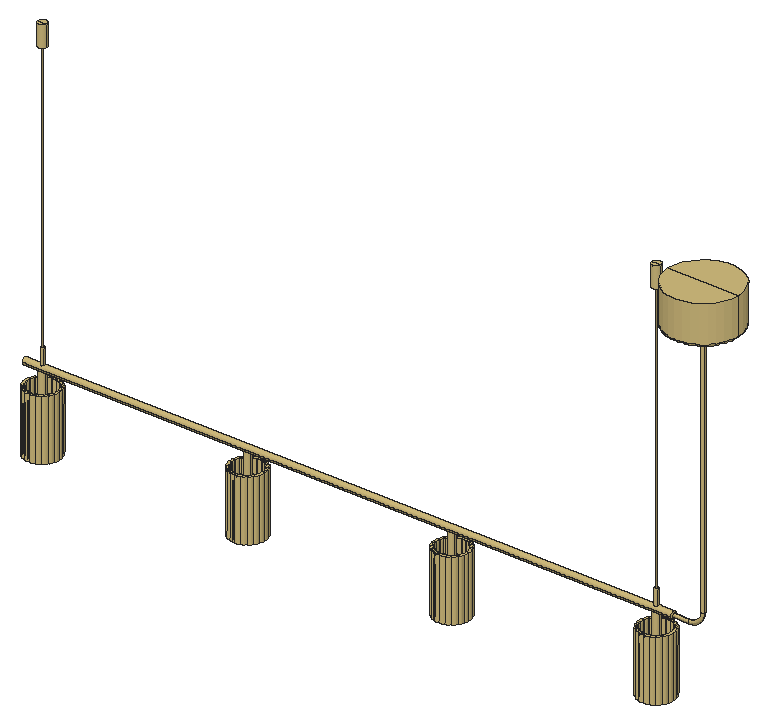
Revit family "Lighting_Pendants_Pholc_Donna_Straight", category Lighting Fixtures, host Ceiling, Revit 2017
Family settings
  Host = Ceiling
  Round Connector Dimension = Use Diameter
  Part Type = Normal
  Always vertical = Yes
  Cut with Voids When Loaded = No
  Light Source = No
  Shared = No
  Room Calculation Point = No
Parameters (values of type "Donna Pendant Line - Autumn Leaves")
  Wattage Comments = ""
  WarrantyStartDate = "n/a"
  WarrantyGuarantorParts = "n/a"
  WarrantyGuarantorLabor = "n/a"
  WarrantyDurationUnit = "Years"
  WarrantyDurationParts = "n/a"
  WarrantyDurationLabor = "n/a"
  WarrantyDescription = "n/a"
  VersionDate = "21/04/2020"  # constant formula
  Version = "1"  # constant formula
  UsageCurrent = 0 A
  Uniclass2015Reference = "Pr_70_70_48_86"
  Uniclass2015Description = "Suspended luminaires"
  Uniclass2 = "Pr_70_70_49_86"
  URL = "https://www.pholc.se/our-products/donna-line-120/"
  TotalWattage = 7 W
  TagNumber [instance] = "n/a"
  SustainabilityPerformance = "n/a"
  Size = "1200x130x150 mm"
  Shape = "Sculptured"
  SerialNumber [instance] = "n/a"
  Revision = "n/a"
  ReplacementCost = "n/a"
  ProductInformation = "The Donna pendant lamp projects the feeling of a soft pleated textile, although it’s actually made from thin, light aluminium."
  PhaseReference = "n/a"
  PhaseAngle = 0.00°
  NumberOfSources = 1
  NumberOfPoles = 1
  NominalVoltageCalc = 230 V
  NominalVoltage = 230 V
  NominalLength = 1320 mm
  NominalHeight [instance] = 214 mm + CableLengthControl  # 714 mm
  NominalFrequencyRange = 0 Hz
  NominalDepth = 130 mm
  NominalCurrent = 0 A
  Name = "Pholc_Donna_Straight"
  NBSReference = "90-60-50/405"
  NBSDescription = "General purpose luminaires"
  ModelReference = ArticleNumber  # "962148"
  ModelNumber = "n/a"
  Model = "Donna Pendant Line - Autumn Leaves"
  Material = "Aluminium & textile"
  ManufacturersSpecificInformation = "n/a"
  ManufacturerURL = "www.pholc.se/"
  ManufacturerName = "Pholc"
  Manufacturer = "Pholc"
  MaintenanceFactor = 0
  LightFixturePlacingType = "Ceilling"
  LightFixtureMountingType = "Suspended"
  LightFixtureMainMaterial = Autumn leaves
  Lamp = ""
  InsulationStandardClass = "Class II"
  InstallationDate = "n/a"
  IfcExportType = "NOTDEFINED"  # constant formula
  IfcExportAs = "IfcLightFixtureType"  # constant formula
  IP_Code = "IP 20"
  HasProtectiveEarth = no
  Grade = "n/a"
  Finish = "n/a"
  Features = "Textile cable. Cable length 500 cm. Socket GU10."
  ExpectedLife = "n/a"
  ElectricalDeviceNominalPower = 7 W
  DurationUnit = "Hours"
  Designer = "Nina Jobs & Stina Sandwall"
  Description = "The Donna pendant lamp projects the feeling of a soft pleated textile, although it’s actually made from thin, light aluminium. Its form is inspired by the chic fabrics used in high fashion and the challenges of creating this softness using a hard material instead of a textile. A beautiful and versatile piece with an expressive personality; equally at home in all environments. For larger spaces the Donna Line and Donna Circle can be selected in four, six or eight lamp variants, casting a warm direct light downwards."
  DefaultElevation = 0 mm
  ConvergoRefNr = "0103-1912-0002-SE"
  Constituents = "n/a"
  Color = "Autumn Leaves"
  Collection = "Donna"
  built-in parameter 1114216 [instance] = (empty or 0)
  CodePerformance = "n/a"
  Category = "Pendant"
  CableLengthControl [instance] = if(CableLength < 200 mm, 200 mm, if(CableLength > 5000 mm, 5000 mm, CableLength))  # 500 mm
  CableLength [instance] = 500 mm
  Brand = "Pholc"
  Barcode [instance] = "n/a"
  BIMObjectName = "Lighting_Pendants_Pholc_Donna_Straight"
  Author = "Convergo AB"  # constant formula
  AssetType = "Fixed"
  AssetIdentifier [instance] = "n/a"
  ArticleNumber = "962148"
  Apparent Load = 0 VA
  AccessibilityPerformance = "n/a"
Reference planes
  plane 1 "Center (Front/Back)": y = 0
  plane 2: z = 0
  plane 3 "Center (Left/Right)": x = 0
  plane 4 "Ceiling": z = 4000
  plane 5: x = -660
  plane 6: x = 660
  plane 7: y = 65
  plane 8: y = -65
  plane 9: z = 3286
Dimensions and locks
  equal spacing: host sketch curve, plane 3 "Center (Left/Right)", host sketch curve
  equal spacing: host sketch curve, plane 1 "Center (Front/Back)", host sketch curve
  host sketch curve to host sketch curve = 4000 mm  (x2)
  plane 4 "Ceiling" to host ceiling = 0 mm
  equal spacing: plane 5, plane 3 "Center (Left/Right)", plane 6
  "NominalLength": plane 5 to plane 6
  equal spacing: plane 7, plane 1 "Center (Front/Back)", plane 8
  "NominalDepth": plane 7 to plane 8
  "NominalHeight": plane 9 to plane 4 "Ceiling"
  aligned and locked: plane 4 "Ceiling" to nested 1
  aligned and locked: nested 1 to plane 3 "Center (Left/Right)"
  aligned and locked: nested 1 to plane 1 "Center (Front/Back)"
Nested families
  nested 1: "Donna_Straight" at (0, 0, 3286), CableLength <- "CableLengthControl", Metal <- "LightFixtureMainMaterial", Cable <- "LightFixtureMainMaterial", type "Donna_Straight"
    with Metal Autumn leaves, CableLength 500 mm, Cable Autumn leaves
Connectors
  electrical at (595, 0, 4000), driven by "NominalVoltage"
    settings: on nested 1, index 1, voltage 230 V, apparent load 0 VA, apparent load phase1 0 VA, apparent load phase2 0 VA, apparent load phase3 0 VA, power factor 1, load classification "Other", number of poles 1, system type 31, power factor state 1, is connector primary yes, connector utility no, sub classification motor no, connector description ""
Definition of nested family "Donna_Straight"
  Parameters (values of type "Donna_Straight")
    Metal [instance] = none
    CableLength [instance] = 1500 mm
    Cable [instance] = none
  Reference planes
    plane 1 "Center (Front/Back)": y = 0
    plane 2: z = 0
    plane 3 "Center (Left/Right)": x = 0
    plane 4: x = 660
    plane 5: z = 1714
    plane 6: y = 65
    plane 7: y = -65
    plane 8: x = -660
    plane 9: z = 176
    plane 10: z = 1676
    plane 11: z = 1644
  Forms (mm)
    Extrusion 1, solid, material <- "Metal", detail levels medium+fine
      sketch origin (0, 0, 0) x (0, 1, 0) y (0, 0, 1)
        loop
          circle (0, 142) r 6
      from -660 to 540
    Revolve 2, solid, material <- "Metal", detail levels medium+fine
      sketch origin (0, 0, 0) x (1, 0, 0) y (0, 0, 1)
        loop
          line (-631, 176) -> (-631, 145.276) -> (-628, 145.276) -> (-628, 176) -> (-631, 176)
        axis (-628, 145.276) -> (-628, 176)
      angle from 0 to 360
    Revolve 3, solid, material <- "Metal", detail levels medium+fine
      sketch origin (1136, 0, 0) x (1, 0, 0) y (0, 0, 1)
        loop
          line (-631, 176) -> (-631, 145.276) -> (-628, 145.276) -> (-628, 176) -> (-631, 176)
        axis (-628, 145.276) -> (-628, 176)
      angle from 0 to 360
    Sweep 4, solid, material <- "Cable", detail levels medium+fine
      path origin (0, 0, 0) x (1, 0, 0) y (0, 0, 1)
        loop
          line (540, 142) -> (570, 142)
          arc (570, 142) -> (587.678, 149.322) -> (595, 167) r 25
          line (595, 167) -> (595, 1676)
      profile origin (555, 0, 142) x (0, 0, 1) y (0, -1, 0)
        loop
          circle (0, 0) r 3
    Revolve 5, solid, material <- "Metal", detail levels medium+fine
      sketch origin (0, 0, 0) x (1, 0, 0) y (0, 0, 1)
        loop
          line (-628, 1714) -> (-636, 1714) -> (-636, 1676) -> (-628, 1676) -> (-628, 1714)
        axis (-628, 1676) -> (-628, 1714)
      angle from 0 to 360
    Revolve 6, solid, material <- "Metal", detail levels medium+fine
      sketch origin (1136, 0, 0) x (1, 0, 0) y (0, 0, 1)
        loop
          line (-628, 1714) -> (-636, 1714) -> (-636, 1676) -> (-628, 1676) -> (-628, 1714)
        axis (-628, 1676) -> (-628, 1714)
      angle from 0 to 360
    Revolve 7, solid, material <- "Metal", detail levels medium+fine
      sketch origin (0, 0, 0) x (1, 0, 0) y (0, 0, 1)
        loop
          line (530, 1714) -> (530, 1646)
          arc (530, 1646) -> (530.586, 1644.586) -> (532, 1644) r 2
          line (532, 1644) -> (595, 1644) -> (595, 1714) -> (530, 1714)
        axis (595, 1644) -> (595, 1714)
      angle from 0 to 360
    Sweep 8, solid, material <- "Cable", detail levels medium+fine
      path origin (0, 0, 0) x (1, 0, 0) y (0, 0, 1)
        loop
          line (0, 1676) -> (0, 176)
      profile origin (0, 0, 926) x (0, -1, 0) y (1, 0, 0)
        loop
          circle (0, -628) r 1
        loop
          circle (0, 508) r 1
    Extrusion 9, solid, material <- "Metal", detail levels coarse
      sketch origin (0, 0, 0) x (1, 0, 0) y (0, 1, 0)
        loop
          line (-660, 65) -> (-660, -65) -> (660, -65) -> (660, 65) -> (-660, 65)
      from 0 to 1714
  Cuts and joins
    joined: Extrusion 1, Revolve 2, Revolve 3
  Lines and regions (mm)
    symbolic lines, detail levels medium+fine
      curve 1: line (-659.808, 0, 111) -> (-659.808, 0, 0)
      curve 2: line (-659.808, 0, 0) -> (-596.447, 0, 0)
      curve 3: line (-596.447, 0, 0) -> (-596.447, 0, 111)
      curve 4: line (-634.128, 0, 136) -> (-634.128, 0, 111)
      curve 5: line (-622.128, 0, 136) -> (-622.128, 0, 111)
      curve 6: line (-596.447, 0, 111) -> (-622.128, 0, 111)
      curve 8: line (-634.128, 0, 111) -> (-659.808, 0, 111)
      curve 9: line (-660, 0, 136) -> (-634.128, 0, 136)
      curve 10: line (-660, 0, 136) -> (-660, 0, 148)
      curve 11: line (-660, 0, 148) -> (-631, 0, 148)
      curve 12: line (-625, 0, 148) -> (505, 0, 148)
      curve 14: line (-622.128, 0, 136) -> (-254.128, 0, 136)
      curve 15: line (-279.808, 0, 111) -> (-279.808, 0, 0)
      curve 16: line (-279.808, 0, 0) -> (-216.447, 0, 0)
      curve 17: line (-216.447, 0, 0) -> (-216.447, 0, 111)
      curve 18: line (-216.447, 0, 111) -> (-242.128, 0, 111)
      curve 20: line (-254.128, 0, 111) -> (-279.808, 0, 111)
      curve 21: line (98.192, 0, 111) -> (98.192, 0, 0)
      curve 22: line (98.192, 0, 0) -> (161.553, 0, 0)
      curve 23: line (161.553, 0, 0) -> (161.553, 0, 111)
      curve 24: line (161.553, 0, 111) -> (135.872, 0, 111)
      curve 26: line (123.872, 0, 111) -> (98.192, 0, 111)
      curve 27: line (476.192, 0, 111) -> (476.192, 0, 0)
      curve 28: line (476.192, 0, 0) -> (539.553, 0, 0)
      curve 29: line (539.553, 0, 0) -> (539.553, 0, 111)
      curve 30: line (539.553, 0, 111) -> (513.872, 0, 111)
      curve 32: line (501.872, 0, 111) -> (476.192, 0, 111)
      curve 33: line (-254.128, 0, 111) -> (-254.128, 0, 136)
      curve 34: line (-242.128, 0, 111) -> (-242.128, 0, 136)
      curve 35: line (123.872, 0, 111) -> (123.872, 0, 136)
      curve 36: line (135.872, 0, 111) -> (135.872, 0, 136)
      curve 37: line (501.872, 0, 111) -> (501.872, 0, 136)
      curve 38: line (513.872, 0, 111) -> (513.872, 0, 136)
      curve 39: line (-242.128, 0, 136) -> (123.872, 0, 136)
      curve 40: line (135.872, 0, 136) -> (501.872, 0, 136)
      curve 41: line (513.872, 0, 136) -> (540, 0, 136)
      curve 42: line (540, 0, 136) -> (540, 0, 139)
      curve 56: line (511, 0, 148) -> (540, 0, 148)
      curve 57: line (-631, 0, 148) -> (-631, 0, 176)
      curve 58: line (-625, 0, 148) -> (-625, 0, 176)
      curve 59: line (-625, 0, 176) -> (-627, 0, 176)
      curve 60: line (505, 0, 148) -> (505, 0, 176)
      curve 61: line (511, 0, 148) -> (511, 0, 176)
      curve 62: line (511, 0, 176) -> (509, 0, 176)
      curve 63: line (-636, 0, 1714) -> (-636, 0, 1676)
      curve 64: line (-636, 0, 1714) -> (-620, 0, 1714)
      curve 65: line (-620, 0, 1714) -> (-620, 0, 1676)
      curve 66: line (-636, 0, 1676) -> (-629, 0, 1676)
      curve 68: line (-627, 0, 1676) -> (-620, 0, 1676)
      curve 69: line (-629, 0, 1676) -> (-629, 0, 176)
      curve 70: line (-629, 0, 176) -> (-631, 0, 176)
      curve 71: line (-627, 0, 1676) -> (-627, 0, 176)
      curve 73: line (500, 0, 1714) -> (516, 0, 1714)
      curve 74: line (516, 0, 1714) -> (516, 0, 1676)
      curve 75: line (500, 0, 1676) -> (500, 0, 1714)
      curve 76: line (500, 0, 1676) -> (507, 0, 1676)
      curve 78: line (509, 0, 1676) -> (516, 0, 1676)
      curve 79: line (507, 0, 1676) -> (507, 0, 176)
      curve 80: line (507, 0, 176) -> (505, 0, 176)
      curve 81: line (509, 0, 1676) -> (509, 0, 176)
      curve 83: line (530, 0, 1714) -> (660, 0, 1714)
      curve 84: line (530, 0, 1714) -> (530, 0, 1646)
      curve 85: arc (530, 0, 1646) -> (530.586, 0, 1644.586) -> (532, 0, 1644) r 2
      curve 86: line (532, 0, 1644) -> (592, 0, 1644)
      curve 87: line (660, 0, 1714) -> (660, 0, 1646)
      curve 88: arc (660, 0, 1646) -> (659.414, 0, 1644.586) -> (658, 0, 1644) r 2
      curve 89: line (658, 0, 1644) -> (598, 0, 1644)
      curve 90: line (540, 0, 145) -> (569.974, 0, 145)
      curve 91: line (540, 0, 139) -> (570, 0, 139)
      curve 92: line (592, 0, 1644) -> (592, 0, 167.026)
      curve 93: line (598, 0, 1644) -> (598, 0, 167)
      curve 95: arc (592, 0, 167.026) -> (585.549, 0, 151.451) -> (569.974, 0, 145) r 22.026
      curve 96: arc (570, 0, 139) -> (589.799, 0, 147.201) -> (598, 0, 167) r 28
      curve 98: line (540, 0, 145) -> (540, 0, 148)
      curve 99: line (0, 6, 111) -> (0, 31.681, 111)
      curve 100: line (0, 31.681, 111) -> (0, 31.681, 0)
      curve 101: line (0, 31.681, 0) -> (0, -31.681, 0)
      curve 102: line (0, -31.681, 0) -> (0, -31.681, 111)
      curve 103: line (0, 6, 142) -> (0, 6, 111)
      curve 105: line (0, -6, 111) -> (0, -31.681, 111)
      curve 106: arc (0, 6, 142) -> (0, 5.196, 145) -> (0, 3, 147.196) r 6
      curve 107: line (0, -6, 142) -> (0, -6, 111)
      curve 109: line (0, 3, 1644) -> (0, 3, 147.196)
      curve 110: line (0, -3, 1644) -> (0, -3, 147.196)
      curve 112: arc (0, -3, 147.196) -> (0, -5.196, 145) -> (0, -6, 142) r 6
      curve 116: arc (0, 63, 1644) -> (0, 64.414, 1644.586) -> (0, 65, 1646) r 2
      curve 117: line (0, 65, 1646) -> (0, 65, 1714)
      curve 118: line (0, 65, 1714) -> (0, -65, 1714)
      curve 125: line (0, 3, 1644) -> (0, 63, 1644)
      curve 126: line (0, -3, 1644) -> (0, -63, 1644)
      curve 128: arc (0, -63, 1644) -> (0, -64.414, 1644.586) -> (0, -65, 1646) r 2
      curve 129: line (0, -65, 1646) -> (0, -65, 1714)
      curve 130: arc (-628.128, 30, 0) -> (-633.134, 31.609, 0) -> (-637.398, 28.532, 0) r 5.828
      curve 131: arc (-637.398, 28.532, 0) -> (-642.657, 28.515, 0) -> (-645.761, 24.271, 0) r 5.828
      curve 132: arc (-645.761, 24.271, 0) -> (-650.757, 22.629, 0) -> (-652.398, 17.634, 0) r 5.828
      curve 133: arc (-652.398, 17.634, 0) -> (-656.642, 14.529, 0) -> (-656.659, 9.271, 0) r 5.828
      curve 134: arc (-656.659, 9.271, 0) -> (-658.388, 7.907, 0) -> (-659.488, 6, 0) r 5.828
      curve 135: arc (-659.488, -6, 0) -> (-658.388, -7.907, 0) -> (-656.659, -9.271, 0) r 5.828
      curve 136: arc (-656.659, -9.271, 0) -> (-656.642, -14.529, 0) -> (-652.398, -17.634, 0) r 5.828
      curve 137: arc (-652.398, -17.634, 0) -> (-650.757, -22.629, 0) -> (-645.761, -24.271, 0) r 5.828
      curve 138: arc (-645.761, -24.271, 0) -> (-642.657, -28.515, 0) -> (-637.398, -28.532, 0) r 5.828
      curve 139: arc (-637.398, -28.532, 0) -> (-633.134, -31.609, 0) -> (-628.128, -30, 0) r 5.828
      curve 140: arc (-628.128, -30, 0) -> (-623.121, -31.609, 0) -> (-618.857, -28.532, 0) r 5.828
      curve 141: arc (-618.857, -28.532, 0) -> (-613.599, -28.515, 0) -> (-610.494, -24.271, 0) r 5.828
      curve 142: arc (-610.494, -24.271, 0) -> (-605.498, -22.629, 0) -> (-603.857, -17.634, 0) r 5.828
      curve 143: arc (-603.857, -17.634, 0) -> (-599.613, -14.529, 0) -> (-599.596, -9.271, 0) r 5.828
      curve 144: arc (-599.596, -9.271, 0) -> (-597.867, -7.907, 0) -> (-596.767, -6, 0) r 5.828
      curve 145: arc (-596.767, 6, 0) -> (-597.867, 7.907, 0) -> (-599.596, 9.271, 0) r 5.828
      curve 146: arc (-599.596, 9.271, 0) -> (-599.613, 14.529, 0) -> (-603.857, 17.634, 0) r 5.828
      curve 147: arc (-603.857, 17.634, 0) -> (-605.498, 22.629, 0) -> (-610.494, 24.271, 0) r 5.828
      curve 148: arc (-610.494, 24.271, 0) -> (-613.599, 28.515, 0) -> (-618.857, 28.532, 0) r 5.828
      curve 149: arc (-618.857, 28.532, 0) -> (-623.121, 31.609, 0) -> (-628.128, 30, 0) r 5.828
      curve 184: line (-660, 6, 0) -> (-660, -6, 0)
      curve 185: line (-660, -6, 0) -> (-659.488, -6, 0)
      curve 186: line (-660, 6, 0) -> (-659.488, 6, 0)
      curve 190: arc (-248.128, 30, 0) -> (-253.134, 31.609, 0) -> (-257.398, 28.532, 0) r 5.828
      curve 191: arc (-257.398, 28.532, 0) -> (-262.657, 28.515, 0) -> (-265.761, 24.271, 0) r 5.828
      curve 192: arc (-265.761, 24.271, 0) -> (-270.757, 22.629, 0) -> (-272.398, 17.634, 0) r 5.828
      curve 193: arc (-272.398, 17.634, 0) -> (-276.642, 14.529, 0) -> (-276.659, 9.271, 0) r 5.828
      curve 194: arc (-276.659, 9.271, 0) -> (-278.388, 7.907, 0) -> (-279.488, 6, 0) r 5.828
      curve 195: arc (-279.488, -6, 0) -> (-278.388, -7.907, 0) -> (-276.659, -9.271, 0) r 5.828
      curve 196: arc (-276.659, -9.271, 0) -> (-276.642, -14.529, 0) -> (-272.398, -17.634, 0) r 5.828
      curve 197: arc (-272.398, -17.634, 0) -> (-270.757, -22.629, 0) -> (-265.761, -24.271, 0) r 5.828
      curve 198: arc (-265.761, -24.271, 0) -> (-262.657, -28.515, 0) -> (-257.398, -28.532, 0) r 5.828
      curve 199: arc (-257.398, -28.532, 0) -> (-253.134, -31.609, 0) -> (-248.128, -30, 0) r 5.828
      curve 200: arc (-248.128, -30, 0) -> (-243.121, -31.609, 0) -> (-238.857, -28.532, 0) r 5.828
      curve 201: arc (-238.857, -28.532, 0) -> (-233.599, -28.515, 0) -> (-230.494, -24.271, 0) r 5.828
      curve 202: arc (-230.494, -24.271, 0) -> (-225.498, -22.629, 0) -> (-223.857, -17.634, 0) r 5.828
      curve 203: arc (-223.857, -17.634, 0) -> (-219.613, -14.529, 0) -> (-219.596, -9.271, 0) r 5.828
      curve 204: arc (-219.596, -9.271, 0) -> (-217.867, -7.907, 0) -> (-216.767, -6, 0) r 5.828
      curve 205: arc (-216.767, 6, 0) -> (-217.867, 7.907, 0) -> (-219.596, 9.271, 0) r 5.828
      curve 206: arc (-219.596, 9.271, 0) -> (-219.613, 14.529, 0) -> (-223.857, 17.634, 0) r 5.828
      curve 207: arc (-223.857, 17.634, 0) -> (-225.498, 22.629, 0) -> (-230.494, 24.271, 0) r 5.828
      curve 208: arc (-230.494, 24.271, 0) -> (-233.599, 28.515, 0) -> (-238.857, 28.532, 0) r 5.828
      curve 209: arc (-238.857, 28.532, 0) -> (-243.121, 31.609, 0) -> (-248.128, 30, 0) r 5.828
      curve 244: arc (129.872, 30, 0) -> (124.866, 31.609, 0) -> (120.602, 28.532, 0) r 5.828
      curve 245: arc (120.602, 28.532, 0) -> (115.343, 28.515, 0) -> (112.239, 24.271, 0) r 5.828
      curve 246: arc (112.239, 24.271, 0) -> (107.243, 22.629, 0) -> (105.602, 17.634, 0) r 5.828
      curve 247: arc (105.602, 17.634, 0) -> (101.358, 14.529, 0) -> (101.341, 9.271, 0) r 5.828
      curve 248: arc (101.341, 9.271, 0) -> (99.612, 7.907, 0) -> (98.512, 6, 0) r 5.828
      curve 249: arc (98.512, -6, 0) -> (99.612, -7.907, 0) -> (101.341, -9.271, 0) r 5.828
      curve 250: arc (101.341, -9.271, 0) -> (101.358, -14.529, 0) -> (105.602, -17.634, 0) r 5.828
      curve 251: arc (105.602, -17.634, 0) -> (107.243, -22.629, 0) -> (112.239, -24.271, 0) r 5.828
      curve 252: arc (112.239, -24.271, 0) -> (115.343, -28.515, 0) -> (120.602, -28.532, 0) r 5.828
      curve 253: arc (120.602, -28.532, 0) -> (124.866, -31.609, 0) -> (129.872, -30, 0) r 5.828
      curve 254: arc (129.872, -30, 0) -> (134.879, -31.609, 0) -> (139.143, -28.532, 0) r 5.828
      curve 255: arc (139.143, -28.532, 0) -> (144.401, -28.515, 0) -> (147.506, -24.271, 0) r 5.828
      curve 256: arc (147.506, -24.271, 0) -> (152.502, -22.629, 0) -> (154.143, -17.634, 0) r 5.828
      curve 257: arc (154.143, -17.634, 0) -> (158.387, -14.529, 0) -> (158.404, -9.271, 0) r 5.828
      curve 258: arc (158.404, -9.271, 0) -> (160.133, -7.907, 0) -> (161.233, -6, 0) r 5.828
      curve 259: arc (161.233, 6, 0) -> (160.133, 7.907, 0) -> (158.404, 9.271, 0) r 5.828
      curve 260: arc (158.404, 9.271, 0) -> (158.387, 14.529, 0) -> (154.143, 17.634, 0) r 5.828
      curve 261: arc (154.143, 17.634, 0) -> (152.502, 22.629, 0) -> (147.506, 24.271, 0) r 5.828
      curve 262: arc (147.506, 24.271, 0) -> (144.401, 28.515, 0) -> (139.143, 28.532, 0) r 5.828
      curve 263: arc (139.143, 28.532, 0) -> (134.879, 31.609, 0) -> (129.872, 30, 0) r 5.828
      curve 298: arc (507.872, 30, 0) -> (502.866, 31.609, 0) -> (498.602, 28.532, 0) r 5.828
      curve 299: arc (498.602, 28.532, 0) -> (493.343, 28.515, 0) -> (490.239, 24.271, 0) r 5.828
      curve 300: arc (490.239, 24.271, 0) -> (485.243, 22.629, 0) -> (483.602, 17.634, 0) r 5.828
      curve 301: arc (483.602, 17.634, 0) -> (479.358, 14.529, 0) -> (479.341, 9.271, 0) r 5.828
      curve 302: arc (479.341, 9.271, 0) -> (477.612, 7.907, 0) -> (476.512, 6, 0) r 5.828
      curve 303: arc (476.512, -6, 0) -> (477.612, -7.907, 0) -> (479.341, -9.271, 0) r 5.828
      curve 304: arc (479.341, -9.271, 0) -> (479.358, -14.529, 0) -> (483.602, -17.634, 0) r 5.828
      curve 305: arc (483.602, -17.634, 0) -> (485.243, -22.629, 0) -> (490.239, -24.271, 0) r 5.828
      curve 306: arc (490.239, -24.271, 0) -> (493.343, -28.515, 0) -> (498.602, -28.532, 0) r 5.828
      curve 307: arc (498.602, -28.532, 0) -> (502.866, -31.609, 0) -> (507.872, -30, 0) r 5.828
      curve 308: arc (507.872, -30, 0) -> (512.879, -31.609, 0) -> (517.143, -28.532, 0) r 5.828
      curve 309: arc (517.143, -28.532, 0) -> (522.401, -28.515, 0) -> (525.506, -24.271, 0) r 5.828
      curve 310: arc (525.506, -24.271, 0) -> (530.502, -22.629, 0) -> (532.143, -17.634, 0) r 5.828
      curve 311: arc (532.143, -17.634, 0) -> (532.283, -17.609, 0) -> (532.423, -17.58, 0) r 5.828
      curve 312: arc (532.423, 17.58, 0) -> (532.283, 17.609, 0) -> (532.143, 17.634, 0) r 5.828
      curve 313: arc (532.143, 17.634, 0) -> (530.502, 22.629, 0) -> (525.506, 24.271, 0) r 5.828
      curve 314: arc (525.506, 24.271, 0) -> (522.401, 28.515, 0) -> (517.143, 28.532, 0) r 5.828
      curve 315: arc (517.143, 28.532, 0) -> (512.879, 31.609, 0) -> (507.872, 30, 0) r 5.828
      curve 349: line (-216.767, 6, 0) -> (98.512, 6, 0)
      curve 351: line (161.233, 6, 0) -> (476.512, 6, 0)
      curve 355: line (-216.767, -6, 0) -> (98.512, -6, 0)
      curve 357: line (161.233, -6, 0) -> (476.512, -6, 0)
      curve 360: arc (532.423, 17.58, 0) -> (660, 0, 0) -> (532.423, -17.58, 0) r 65
      curve 361: line (-596.767, 6, 0) -> (-279.488, 6, 0)
      curve 362: line (-596.767, -6, 0) -> (-279.488, -6, 0)
    symbolic lines, detail levels fine
      curve 7: line (-634.128, 0, 111) -> (-622.128, 0, 111)
      curve 13: line (-625, 0, 148) -> (-631, 0, 148)
      curve 19: line (-254.128, 0, 111) -> (-242.128, 0, 111)
      curve 25: line (123.872, 0, 111) -> (135.872, 0, 111)
      curve 31: line (501.872, 0, 111) -> (513.872, 0, 111)
      curve 43: line (-634.128, 0, 136) -> (-629.128, 0, 141)
      curve 44: line (-629.128, 0, 141) -> (-627.128, 0, 141)
      curve 45: line (-622.128, 0, 136) -> (-627.128, 0, 141)
      curve 46: line (-254.128, 0, 136) -> (-249.128, 0, 141)
      curve 47: line (-249.128, 0, 141) -> (-247.128, 0, 141)
      curve 48: line (-242.128, 0, 136) -> (-247.128, 0, 141)
      curve 49: line (123.872, 0, 136) -> (128.872, 0, 141)
      curve 50: line (128.872, 0, 141) -> (130.872, 0, 141)
      curve 51: line (135.872, 0, 136) -> (130.872, 0, 141)
      curve 52: line (511, 0, 148) -> (505, 0, 148)
      curve 53: line (501.872, 0, 136) -> (506.872, 0, 141)
      curve 54: line (506.872, 0, 141) -> (508.872, 0, 141)
      curve 55: line (513.872, 0, 136) -> (508.872, 0, 141)
      curve 67: line (-629, 0, 1676) -> (-627, 0, 1676)
      curve 72: line (-627, 0, 176) -> (-629, 0, 176)
      curve 77: line (507, 0, 1676) -> (509, 0, 1676)
      curve 82: line (509, 0, 176) -> (507, 0, 176)
      curve 94: line (598, 0, 1644) -> (592, 0, 1644)
      curve 97: line (540, 0, 139) -> (540, 0, 145)
      curve 104: line (0, 6, 111) -> (0, -6, 111)
      curve 108: arc (0, -6, 142) -> (0, 0, 136) -> (0, 6, 142) r 6
      curve 111: arc (0, 3, 147.196) -> (0, 0, 148) -> (0, -3, 147.196) r 6
      curve 113: line (0, 3, 176) -> (0, -3, 176)
      curve 114: line (0, 1, 176) -> (0, 1, 1676)
      curve 115: line (0, 1, 1644) -> (0, 3, 1644)
      curve 119: line (0, 8, 1676) -> (0, 8, 1714)
      curve 120: line (0, 8, 1676) -> (0, 1, 1676)
      curve 121: line (0, -8, 1676) -> (0, -1, 1676)
      curve 122: line (0, 1, 1676) -> (0, -1, 1676)
      curve 123: line (0, -1, 176) -> (0, -1, 1676)
      curve 124: line (0, -1, 1644) -> (0, -3, 1644)
      curve 127: line (0, -8, 1676) -> (0, -8, 1714)
      curve 150: arc (-648.443, 18.234, 0) -> (-647.929, 19.801, 0) -> (-646.361, 20.316, 0) r 1.828
      curve 151: arc (-646.361, 20.316, 0) -> (-643.41, 21.034, 0) -> (-641.814, 23.619, 0) r 4
      curve 152: arc (-641.814, 23.619, 0) -> (-640.841, 24.951, 0) -> (-639.191, 24.956, 0) r 1.828
      curve 153: arc (-639.191, 24.956, 0) -> (-636.162, 24.727, 0) -> (-633.846, 26.693, 0) r 4
      curve 154: arc (-633.846, 26.693, 0) -> (-632.508, 27.658, 0) -> (-630.938, 27.153, 0) r 1.828
      curve 155: arc (-630.938, 27.153, 0) -> (-628.128, 26, 0) -> (-625.317, 27.153, 0) r 4
      curve 156: arc (-625.317, 27.153, 0) -> (-623.747, 27.658, 0) -> (-622.409, 26.693, 0) r 1.828
      curve 157: arc (-622.409, 26.693, 0) -> (-620.093, 24.727, 0) -> (-617.064, 24.956, 0) r 4
      curve 158: arc (-617.064, 24.956, 0) -> (-615.415, 24.951, 0) -> (-614.441, 23.619, 0) r 1.828
      curve 159: arc (-614.441, 23.619, 0) -> (-612.845, 21.034, 0) -> (-609.894, 20.316, 0) r 4
      curve 160: arc (-609.894, 20.316, 0) -> (-608.327, 19.801, 0) -> (-607.812, 18.234, 0) r 1.828
      curve 161: arc (-607.812, 18.234, 0) -> (-607.093, 15.282, 0) -> (-604.508, 13.687, 0) r 4
      curve 162: arc (-604.508, 13.687, 0) -> (-603.177, 12.713, 0) -> (-603.172, 11.063, 0) r 1.828
      curve 163: arc (-603.172, 11.063, 0) -> (-603.475, 8.295, 0) -> (-601.899, 6, 0) r 4
      curve 164: arc (-601.899, -6, 0) -> (-603.475, -8.295, 0) -> (-603.172, -11.063, 0) r 4
      curve 165: arc (-603.172, -11.063, 0) -> (-603.177, -12.713, 0) -> (-604.508, -13.687, 0) r 1.828
      curve 166: arc (-604.508, -13.687, 0) -> (-607.093, -15.282, 0) -> (-607.812, -18.234, 0) r 4
      curve 167: arc (-607.812, -18.234, 0) -> (-608.327, -19.801, 0) -> (-609.894, -20.316, 0) r 1.828
      curve 168: arc (-609.894, -20.316, 0) -> (-612.845, -21.034, 0) -> (-614.441, -23.619, 0) r 4
      curve 169: arc (-614.441, -23.619, 0) -> (-615.415, -24.951, 0) -> (-617.064, -24.956, 0) r 1.828
      curve 170: arc (-617.064, -24.956, 0) -> (-620.093, -24.727, 0) -> (-622.409, -26.693, 0) r 4
      curve 171: arc (-622.409, -26.693, 0) -> (-623.747, -27.658, 0) -> (-625.317, -27.153, 0) r 1.828
      curve 172: arc (-625.317, -27.153, 0) -> (-628.128, -26, 0) -> (-630.938, -27.153, 0) r 4
      curve 173: arc (-630.938, -27.153, 0) -> (-632.508, -27.658, 0) -> (-633.846, -26.693, 0) r 1.828
      curve 174: arc (-633.846, -26.693, 0) -> (-636.162, -24.727, 0) -> (-639.191, -24.956, 0) r 4
      curve 175: arc (-639.191, -24.956, 0) -> (-640.841, -24.951, 0) -> (-641.814, -23.619, 0) r 1.828
      curve 176: arc (-641.814, -23.619, 0) -> (-643.41, -21.034, 0) -> (-646.361, -20.316, 0) r 4
      curve 177: arc (-646.361, -20.316, 0) -> (-647.929, -19.801, 0) -> (-648.443, -18.234, 0) r 1.828
      curve 178: arc (-648.443, -18.234, 0) -> (-649.162, -15.282, 0) -> (-651.747, -13.687, 0) r 4
      curve 179: arc (-651.747, -13.687, 0) -> (-653.078, -12.713, 0) -> (-653.084, -11.063, 0) r 1.828
      curve 180: arc (-653.084, -11.063, 0) -> (-652.78, -8.295, 0) -> (-654.356, -6, 0) r 4
      curve 181: arc (-654.356, 6, 0) -> (-652.78, 8.295, 0) -> (-653.084, 11.063, 0) r 4
      curve 182: arc (-653.084, 11.063, 0) -> (-653.078, 12.713, 0) -> (-651.747, 13.687, 0) r 1.828
      curve 183: arc (-651.747, 13.687, 0) -> (-649.162, 15.282, 0) -> (-648.443, 18.234, 0) r 4
      curve 187: circle (-628, 0, 0) r 8 normal (0, 0, -1)
      curve 188: line (-622.708, 6, 0) -> (-596.767, 6, 0)
      curve 189: line (-622.708, -6, 0) -> (-596.767, -6, 0)
      curve 210: arc (-268.443, 18.234, 0) -> (-267.929, 19.801, 0) -> (-266.361, 20.316, 0) r 1.828
      curve 211: arc (-266.361, 20.316, 0) -> (-263.41, 21.034, 0) -> (-261.814, 23.619, 0) r 4
      curve 212: arc (-261.814, 23.619, 0) -> (-260.841, 24.951, 0) -> (-259.191, 24.956, 0) r 1.828
      curve 213: arc (-259.191, 24.956, 0) -> (-256.162, 24.727, 0) -> (-253.846, 26.693, 0) r 4
      curve 214: arc (-253.846, 26.693, 0) -> (-252.508, 27.658, 0) -> (-250.938, 27.153, 0) r 1.828
      curve 215: arc (-250.938, 27.153, 0) -> (-248.128, 26, 0) -> (-245.317, 27.153, 0) r 4
      curve 216: arc (-245.317, 27.153, 0) -> (-243.747, 27.658, 0) -> (-242.409, 26.693, 0) r 1.828
      curve 217: arc (-242.409, 26.693, 0) -> (-240.093, 24.727, 0) -> (-237.064, 24.956, 0) r 4
      curve 218: arc (-237.064, 24.956, 0) -> (-235.415, 24.951, 0) -> (-234.441, 23.619, 0) r 1.828
      curve 219: arc (-234.441, 23.619, 0) -> (-232.845, 21.034, 0) -> (-229.894, 20.316, 0) r 4
      curve 220: arc (-229.894, 20.316, 0) -> (-228.327, 19.801, 0) -> (-227.812, 18.234, 0) r 1.828
      curve 221: arc (-227.812, 18.234, 0) -> (-227.093, 15.282, 0) -> (-224.508, 13.687, 0) r 4
      curve 222: arc (-224.508, 13.687, 0) -> (-223.177, 12.713, 0) -> (-223.172, 11.063, 0) r 1.828
      curve 223: arc (-223.172, 11.063, 0) -> (-223.475, 8.295, 0) -> (-221.899, 6, 0) r 4
      curve 224: arc (-221.899, -6, 0) -> (-223.475, -8.295, 0) -> (-223.172, -11.063, 0) r 4
      curve 225: arc (-223.172, -11.063, 0) -> (-223.177, -12.713, 0) -> (-224.508, -13.687, 0) r 1.828
      curve 226: arc (-224.508, -13.687, 0) -> (-227.093, -15.282, 0) -> (-227.812, -18.234, 0) r 4
      curve 227: arc (-227.812, -18.234, 0) -> (-228.327, -19.801, 0) -> (-229.894, -20.316, 0) r 1.828
      curve 228: arc (-229.894, -20.316, 0) -> (-232.845, -21.034, 0) -> (-234.441, -23.619, 0) r 4
      curve 229: arc (-234.441, -23.619, 0) -> (-235.415, -24.951, 0) -> (-237.064, -24.956, 0) r 1.828
      curve 230: arc (-237.064, -24.956, 0) -> (-240.093, -24.727, 0) -> (-242.409, -26.693, 0) r 4
      curve 231: arc (-242.409, -26.693, 0) -> (-243.747, -27.658, 0) -> (-245.317, -27.153, 0) r 1.828
      curve 232: arc (-245.317, -27.153, 0) -> (-248.128, -26, 0) -> (-250.938, -27.153, 0) r 4
      curve 233: arc (-250.938, -27.153, 0) -> (-252.508, -27.658, 0) -> (-253.846, -26.693, 0) r 1.828
      curve 234: arc (-253.846, -26.693, 0) -> (-256.162, -24.727, 0) -> (-259.191, -24.956, 0) r 4
      curve 235: arc (-259.191, -24.956, 0) -> (-260.841, -24.951, 0) -> (-261.814, -23.619, 0) r 1.828
      curve 236: arc (-261.814, -23.619, 0) -> (-263.41, -21.034, 0) -> (-266.361, -20.316, 0) r 4
      curve 237: arc (-266.361, -20.316, 0) -> (-267.929, -19.801, 0) -> (-268.443, -18.234, 0) r 1.828
      curve 238: arc (-268.443, -18.234, 0) -> (-269.162, -15.282, 0) -> (-271.747, -13.687, 0) r 4
      curve 239: arc (-271.747, -13.687, 0) -> (-273.078, -12.713, 0) -> (-273.084, -11.063, 0) r 1.828
      curve 240: arc (-273.084, -11.063, 0) -> (-272.78, -8.295, 0) -> (-274.356, -6, 0) r 4
      curve 241: arc (-274.356, 6, 0) -> (-272.78, 8.295, 0) -> (-273.084, 11.063, 0) r 4
      curve 242: arc (-273.084, 11.063, 0) -> (-273.078, 12.713, 0) -> (-271.747, 13.687, 0) r 1.828
      curve 243: arc (-271.747, 13.687, 0) -> (-269.162, 15.282, 0) -> (-268.443, 18.234, 0) r 4
      curve 264: arc (109.557, 18.234, 0) -> (110.071, 19.801, 0) -> (111.639, 20.316, 0) r 1.828
      curve 265: arc (111.639, 20.316, 0) -> (114.59, 21.034, 0) -> (116.186, 23.619, 0) r 4
      curve 266: arc (116.186, 23.619, 0) -> (117.159, 24.951, 0) -> (118.809, 24.956, 0) r 1.828
      curve 267: arc (118.809, 24.956, 0) -> (121.838, 24.727, 0) -> (124.154, 26.693, 0) r 4
      curve 268: arc (124.154, 26.693, 0) -> (125.492, 27.658, 0) -> (127.062, 27.153, 0) r 1.828
      curve 269: arc (127.062, 27.153, 0) -> (129.872, 26, 0) -> (132.683, 27.153, 0) r 4
      curve 270: arc (132.683, 27.153, 0) -> (134.253, 27.658, 0) -> (135.591, 26.693, 0) r 1.828
      curve 271: arc (135.591, 26.693, 0) -> (137.907, 24.727, 0) -> (140.936, 24.956, 0) r 4
      curve 272: arc (140.936, 24.956, 0) -> (142.585, 24.951, 0) -> (143.559, 23.619, 0) r 1.828
      curve 273: arc (143.559, 23.619, 0) -> (145.155, 21.034, 0) -> (148.106, 20.316, 0) r 4
      curve 274: arc (148.106, 20.316, 0) -> (149.673, 19.801, 0) -> (150.188, 18.234, 0) r 1.828
      curve 275: arc (150.188, 18.234, 0) -> (150.907, 15.282, 0) -> (153.492, 13.687, 0) r 4
      curve 276: arc (153.492, 13.687, 0) -> (154.823, 12.713, 0) -> (154.828, 11.063, 0) r 1.828
      curve 277: arc (154.828, 11.063, 0) -> (154.525, 8.295, 0) -> (156.101, 6, 0) r 4
      curve 278: arc (156.101, -6, 0) -> (154.525, -8.295, 0) -> (154.828, -11.063, 0) r 4
      curve 279: arc (154.828, -11.063, 0) -> (154.823, -12.713, 0) -> (153.492, -13.687, 0) r 1.828
      curve 280: arc (153.492, -13.687, 0) -> (150.907, -15.282, 0) -> (150.188, -18.234, 0) r 4
      curve 281: arc (150.188, -18.234, 0) -> (149.673, -19.801, 0) -> (148.106, -20.316, 0) r 1.828
      curve 282: arc (148.106, -20.316, 0) -> (145.155, -21.034, 0) -> (143.559, -23.619, 0) r 4
      curve 283: arc (143.559, -23.619, 0) -> (142.585, -24.951, 0) -> (140.936, -24.956, 0) r 1.828
      curve 284: arc (140.936, -24.956, 0) -> (137.907, -24.727, 0) -> (135.591, -26.693, 0) r 4
      curve 285: arc (135.591, -26.693, 0) -> (134.253, -27.658, 0) -> (132.683, -27.153, 0) r 1.828
      curve 286: arc (132.683, -27.153, 0) -> (129.872, -26, 0) -> (127.062, -27.153, 0) r 4
      curve 287: arc (127.062, -27.153, 0) -> (125.492, -27.658, 0) -> (124.154, -26.693, 0) r 1.828
      curve 288: arc (124.154, -26.693, 0) -> (121.838, -24.727, 0) -> (118.809, -24.956, 0) r 4
      curve 289: arc (118.809, -24.956, 0) -> (117.159, -24.951, 0) -> (116.186, -23.619, 0) r 1.828
      curve 290: arc (116.186, -23.619, 0) -> (114.59, -21.034, 0) -> (111.639, -20.316, 0) r 4
      curve 291: arc (111.639, -20.316, 0) -> (110.071, -19.801, 0) -> (109.557, -18.234, 0) r 1.828
      curve 292: arc (109.557, -18.234, 0) -> (108.838, -15.282, 0) -> (106.253, -13.687, 0) r 4
      curve 293: arc (106.253, -13.687, 0) -> (104.922, -12.713, 0) -> (104.916, -11.063, 0) r 1.828
      curve 294: arc (104.916, -11.063, 0) -> (105.22, -8.295, 0) -> (103.644, -6, 0) r 4
      curve 295: arc (103.644, 6, 0) -> (105.22, 8.295, 0) -> (104.916, 11.063, 0) r 4
      curve 296: arc (104.916, 11.063, 0) -> (104.922, 12.713, 0) -> (106.253, 13.687, 0) r 1.828
      curve 297: arc (106.253, 13.687, 0) -> (108.838, 15.282, 0) -> (109.557, 18.234, 0) r 4
      curve 316: arc (487.557, 18.234, 0) -> (488.071, 19.801, 0) -> (489.639, 20.316, 0) r 1.828
      curve 317: arc (489.639, 20.316, 0) -> (492.59, 21.034, 0) -> (494.186, 23.619, 0) r 4
      curve 318: arc (494.186, 23.619, 0) -> (495.159, 24.951, 0) -> (496.809, 24.956, 0) r 1.828
      curve 319: arc (496.809, 24.956, 0) -> (499.838, 24.727, 0) -> (502.154, 26.693, 0) r 4
      curve 320: arc (502.154, 26.693, 0) -> (503.492, 27.658, 0) -> (505.062, 27.153, 0) r 1.828
      curve 321: arc (505.062, 27.153, 0) -> (507.872, 26, 0) -> (510.683, 27.153, 0) r 4
      curve 322: arc (510.683, 27.153, 0) -> (512.253, 27.658, 0) -> (513.591, 26.693, 0) r 1.828
      curve 323: arc (513.591, 26.693, 0) -> (515.907, 24.727, 0) -> (518.936, 24.956, 0) r 4
      curve 324: arc (518.936, 24.956, 0) -> (520.585, 24.951, 0) -> (521.559, 23.619, 0) r 1.828
      curve 325: arc (521.559, 23.619, 0) -> (523.155, 21.034, 0) -> (526.106, 20.316, 0) r 4
      curve 326: arc (526.106, 20.316, 0) -> (527.673, 19.801, 0) -> (528.188, 18.234, 0) r 1.828
      curve 327: arc (528.188, 18.234, 0) -> (528.897, 15.296, 0) -> (531.459, 13.693, 0) r 4
      curve 328: arc (531.459, -13.693, 0) -> (528.897, -15.296, 0) -> (528.188, -18.234, 0) r 4
      curve 329: arc (528.188, -18.234, 0) -> (527.673, -19.801, 0) -> (526.106, -20.316, 0) r 1.828
      curve 330: arc (526.106, -20.316, 0) -> (523.155, -21.034, 0) -> (521.559, -23.619, 0) r 4
      curve 331: arc (521.559, -23.619, 0) -> (520.585, -24.951, 0) -> (518.936, -24.956, 0) r 1.828
      curve 332: arc (518.936, -24.956, 0) -> (515.907, -24.727, 0) -> (513.591, -26.693, 0) r 4
      curve 333: arc (513.591, -26.693, 0) -> (512.253, -27.658, 0) -> (510.683, -27.153, 0) r 1.828
      curve 334: arc (510.683, -27.153, 0) -> (507.872, -26, 0) -> (505.062, -27.153, 0) r 4
      curve 335: arc (505.062, -27.153, 0) -> (503.492, -27.658, 0) -> (502.154, -26.693, 0) r 1.828
      curve 336: arc (502.154, -26.693, 0) -> (499.838, -24.727, 0) -> (496.809, -24.956, 0) r 4
      curve 337: arc (496.809, -24.956, 0) -> (495.159, -24.951, 0) -> (494.186, -23.619, 0) r 1.828
      curve 338: arc (494.186, -23.619, 0) -> (492.59, -21.034, 0) -> (489.639, -20.316, 0) r 4
      curve 339: arc (489.639, -20.316, 0) -> (488.071, -19.801, 0) -> (487.557, -18.234, 0) r 1.828
      curve 340: arc (487.557, -18.234, 0) -> (486.838, -15.282, 0) -> (484.253, -13.687, 0) r 4
      curve 341: arc (484.253, -13.687, 0) -> (482.922, -12.713, 0) -> (482.916, -11.063, 0) r 1.828
      curve 342: arc (482.916, -11.063, 0) -> (483.22, -8.295, 0) -> (481.644, -6, 0) r 4
      curve 343: arc (481.644, 6, 0) -> (483.22, 8.295, 0) -> (482.916, 11.063, 0) r 4
      curve 344: arc (482.916, 11.063, 0) -> (482.922, 12.713, 0) -> (484.253, 13.687, 0) r 1.828
      curve 345: arc (484.253, 13.687, 0) -> (486.838, 15.282, 0) -> (487.557, 18.234, 0) r 4
      curve 346: arc (532.423, -17.58, 0) -> (530, 0, 0) -> (532.423, 17.58, 0) r 65
      curve 347: circle (508, 0, 0) r 8 normal (0, 0, -1)
      curve 348: line (-279.488, 6, 0) -> (-216.767, 6, 0)
      curve 350: line (98.512, 6, 0) -> (161.233, 6, 0)
      curve 352: line (476.512, 6, 0) -> (502.708, 6, 0)
      curve 353: line (513.292, 6, 0) -> (530.278, 6, 0)
      curve 354: line (-279.488, -6, 0) -> (-216.767, -6, 0)
      curve 356: line (98.512, -6, 0) -> (161.233, -6, 0)
      curve 358: line (476.512, -6, 0) -> (502.708, -6, 0)
      curve 359: line (513.292, -6, 0) -> (530.278, -6, 0)
      curve 363: line (-659.488, 6, 0) -> (-633.292, 6, 0)
      curve 364: line (-659.488, -6, 0) -> (-633.292, -6, 0)
  Dimensions and locks
    locked: Revolve 5 sketch curve to Revolve 5 sketch curve at 38
    locked: Revolve 6 sketch curve to Revolve 6 sketch curve at 38
    locked: Revolve 7 sketch curve to Revolve 7 sketch curve at 70
    locked: plane 9 to plane 2 at 176
    locked: plane 5 to plane 10 at 38
    "CableLength": plane 10 to plane 9
    locked: plane 5 to plane 11 at 70
    aligned and locked: level to plane 2
    aligned and locked: Revolve 5 sketch curve to plane 5
    aligned and locked: Revolve 6 sketch curve to plane 5
    aligned and locked: plane 5 to Revolve 7 sketch curve
    aligned and locked: plane 10 to Sweep 8 sketch curve
    aligned and locked: plane 9 to Sweep 8 sketch curve
    aligned and locked: plane 10 to Sweep 4 sketch curve
    aligned and locked: Revolve 5 to plane 10  (x2)
    aligned and locked: plane 5 to Revolve 5
    aligned and locked: Sweep 8 to plane 10
    aligned and locked: plane 5 to Revolve 6
    aligned and locked: Revolve 6 to plane 10  (x2)
    aligned and locked: curve 77 to plane 10
    aligned and locked: curve 78 to plane 10
    aligned and locked: curve 76 to plane 10
    aligned and locked: curve 68 to plane 10
    aligned and locked: curve 67 to plane 10
    aligned and locked: curve 66 to plane 10
    aligned and locked: plane 9 to cut or joined group of Extrusion 1, Revolve 2, Revolve 3
    aligned and locked: plane 9 to Sweep 8
    aligned and locked: curve 62 to plane 9
    aligned and locked: curve 80 to plane 9
    aligned and locked: curve 59 to plane 9
    aligned and locked: curve 72 to plane 9
    aligned and locked: curve 70 to plane 9
    aligned and locked: plane 10 to curve 121
    aligned and locked: curve 122 to plane 10
    aligned and locked: curve 86 to plane 11
    aligned and locked: plane 11 to curve 89
    aligned and locked: curve 126 to plane 11
    aligned and locked: plane 11 to curve 125
    aligned and locked: Extrusion 9 to plane 5
  Automatic sketch dimensions
    curve 106 to curve 108 = 0 mm  (x2)
    curve 106 to curve 111 = 0 mm  (x2)
    curve 106 to curve 112 = 0 mm  (x2)
    curve 108 to curve 111 = 0 mm  (x2)
    curve 108 to curve 112 = 0 mm  (x3)
    curve 111 to curve 112 = 0 mm  (x2)
    plane 5 to curve 129 = 0 mm
    curve 129 to plane 7 = 0 mm
    curve 101 to level = 0 mm
    plane 9 to curve 113 = 0 mm
    curve 112 to plane 1 "Center (Front/Back)" = 0 mm
    curve 118 to plane 6 = 0 mm
    curve 128 to curve 128 = 2 mm
    plane 1 "Center (Front/Back)" to curve 102 = 31.681 mm
    plane 1 "Center (Front/Back)" to curve 127 = 8 mm
    plane 1 "Center (Front/Back)" to curve 104 = 6 mm
    plane 1 "Center (Front/Back)" to curve 124 = 3 mm
    plane 1 "Center (Front/Back)" to curve 123 = 1 mm
    curve 114 to plane 1 "Center (Front/Back)" = 1 mm
    curve 115 to curve 109 = 2 mm
    curve 114 to curve 120 = 7 mm
    curve 100 to plane 1 "Center (Front/Back)" = 31.681 mm
    plane 6 to curve 125 = 2 mm
    plane 9 to curve 100 = 65 mm
    curve 104 to curve 107 = 31 mm
    curve 10 to plane 8 = 0 mm
    curve 2 to level = 0 mm
    curve 63 to plane 5 = 0 mm
    curve 16 to level = 0 mm
    curve 21 to level = 0 mm
    curve 28 to level = 0 mm
    curve 75 to plane 5 = 0 mm
    curve 83 to plane 5 = 0 mm
    curve 88 to plane 4 = 0 mm
    plane 8 to curve 2 = 0.192 mm
    plane 8 to curve 66 = 24 mm
    curve 1 to curve 4 = 25.681 mm
    plane 8 to curve 57 = 29 mm
    curve 4 to curve 43 = 5 mm
    curve 57 to curve 72 = 2 mm
    curve 43 to curve 44 = 2 mm
    curve 66 to curve 67 = 2 mm
    curve 11 to curve 12 = 6 mm
    curve 44 to curve 45 = 5 mm
    curve 63 to curve 64 = 16 mm
    curve 1 to curve 3 = 63.361 mm
    plane 9 to curve 15 = 65 mm
    curve 15 to plane 3 "Center (Left/Right)" = 279.808 mm
    curve 15 to curve 20 = 25.681 mm
    curve 14 to curve 47 = 5 mm
    curve 46 to curve 47 = 2 mm
    plane 9 to curve 48 = 40 mm
    curve 47 to curve 48 = 5 mm
    curve 18 to curve 18 = 25.681 mm
    plane 3 "Center (Left/Right)" to curve 21 = 98.192 mm
    curve 21 to curve 25 = 25.681 mm
    plane 9 to curve 49 = 35 mm
    curve 35 to curve 49 = 5 mm
    curve 49 to curve 51 = 2 mm
    curve 25 to curve 25 = 12 mm
    curve 21 to curve 23 = 63.361 mm
    plane 9 to curve 32 = 65 mm
    curve 32 to plane 4 = 183.808 mm
    curve 75 to curve 83 = 160 mm
    plane 9 to curve 53 = 40 mm
    curve 27 to curve 53 = 25.681 mm
    curve 37 to curve 60 = 3.128 mm
    curve 37 to curve 54 = 5 mm
    curve 60 to curve 82 = 2 mm
    plane 9 to curve 55 = 35 mm
    curve 53 to curve 55 = 2 mm
    curve 79 to curve 62 = 2 mm
    curve 12 to curve 56 = 6 mm
    curve 31 to curve 31 = 12 mm
    curve 73 to curve 73 = 16 mm
    curve 73 to curve 83 = 14 mm
    curve 84 to curve 86 = 2 mm
    curve 27 to curve 28 = 63.361 mm
    curve 38 to curve 56 = 26.128 mm
    curve 90 to curve 90 = 29.974 mm
    curve 90 to curve 91 = 0.026 mm
    plane 9 to curve 92 = 8.974 mm
    curve 96 to curve 92 = 22 mm
    curve 86 to curve 93 = 6 mm
    curve 89 to plane 4 = 2 mm
    curve 35 to curve 35 = 25 mm
    plane 9 to curve 8 = 65 mm
    curve 5 to curve 14 = 25 mm
    curve 55 to curve 54 = 5 mm
    curve 1 to curve 10 = 25 mm
    curve 41 to curve 42 = 3 mm
    curve 5 to curve 45 = 5 mm
    curve 14 to curve 46 = 5 mm
    curve 54 to curve 56 = 7 mm
    Extrusion 1 sketch curve to plane 1 "Center (Front/Back)" = 0 mm
    plane 9 to Extrusion 1 sketch curve = 34 mm
    Revolve 2 sketch curve to plane 9 = 0 mm  (x2)
    plane 8 to Revolve 2 sketch curve = 29 mm
    Revolve 2 sketch curve to Revolve 2 sketch curve = 3 mm
    plane 9 to Revolve 2 sketch curve = 30.724 mm
    Revolve 2 sketch curve to Revolve 2 sketch curve = 0 mm
    Revolve 2 sketch curve to Revolve 2 sketch curve = 3.121 mm
    Revolve 3 sketch curve to plane 9 = 0 mm  (x2)
    plane 9 to Revolve 3 sketch curve = 30.724 mm
    Revolve 3 sketch curve to plane 4 = 155 mm
    Revolve 3 sketch curve to Revolve 3 sketch curve = 3 mm
    Revolve 3 sketch curve to Revolve 3 sketch curve = 0 mm
    Revolve 3 sketch curve to Revolve 3 sketch curve = 3.121 mm
    plane 9 to Sweep 4 sketch curve = 9 mm
    Sweep 4 sketch curve to plane 4 = 90 mm
    Sweep 4 sketch curve to Sweep 4 sketch curve = 25 mm
    Sweep 4 sketch curve to Sweep 4 sketch curve = 30 mm
    Sweep 4 sketch curve to plane 1 "Center (Front/Back)" = 0 mm
    profile plane to Sweep 4 sketch curve = 0 mm
    Revolve 5 sketch curve to plane 5 = 0 mm
    plane 8 to Revolve 5 sketch curve = 24 mm
    Revolve 5 sketch curve to Revolve 5 sketch curve = 8 mm
    Revolve 5 sketch curve to Revolve 5 sketch curve = 0 mm
    Revolve 5 sketch curve to plane 5 = 5 mm
    Revolve 6 sketch curve to plane 5 = 0 mm
    Revolve 6 sketch curve to plane 4 = 160 mm
    Revolve 6 sketch curve to Revolve 6 sketch curve = 8 mm
    Revolve 6 sketch curve to Revolve 6 sketch curve = 0 mm
    Revolve 6 sketch curve to Revolve 6 sketch curve = 5 mm
    Revolve 7 sketch curve to plane 5 = 0 mm
    Revolve 7 sketch curve to plane 4 = 130 mm
    Revolve 7 sketch curve to Revolve 7 sketch curve = 2 mm
    Revolve 7 sketch curve to Revolve 7 sketch curve = 63 mm
    Revolve 7 sketch curve to Revolve 7 sketch curve = 0 mm
    Revolve 7 sketch curve to Revolve 7 sketch curve = 13.096 mm
    Sweep 8 sketch curve to plane 3 "Center (Left/Right)" = 0 mm
    plane 1 "Center (Front/Back)" to Sweep 8 sketch curve = 0 mm  (x2)
    profile plane to Sweep 8 sketch curve = 628 mm
    Sweep 8 sketch curve to profile plane = 508 mm
    curve 130 to curve 154 = 0 mm  (x2)
    curve 131 to curve 152 = 0 mm  (x2)
    curve 132 to curve 150 = 0 mm  (x2)
    curve 133 to curve 182 = 0 mm  (x2)
    curve 136 to curve 179 = 0 mm  (x2)
    curve 137 to curve 177 = 0 mm  (x2)
    curve 138 to curve 175 = 0 mm  (x2)
    curve 139 to curve 173 = 0 mm  (x2)
    curve 140 to curve 171 = 0 mm  (x2)
    curve 141 to curve 169 = 0 mm  (x2)
    curve 142 to curve 167 = 0 mm  (x2)
    curve 143 to curve 165 = 0 mm  (x2)
    curve 146 to curve 162 = 0 mm  (x2)
    curve 147 to curve 160 = 0 mm  (x2)
    curve 148 to curve 158 = 0 mm  (x2)
    curve 149 to curve 156 = 0 mm  (x2)
    curve 190 to curve 214 = 0 mm  (x2)
    curve 191 to curve 212 = 0 mm  (x2)
    curve 192 to curve 210 = 0 mm  (x2)
    curve 193 to curve 242 = 0 mm  (x2)
    curve 196 to curve 239 = 0 mm  (x2)
    curve 197 to curve 237 = 0 mm  (x2)
    curve 198 to curve 235 = 0 mm  (x2)
    curve 199 to curve 233 = 0 mm  (x2)
    curve 200 to curve 231 = 0 mm  (x2)
    curve 201 to curve 229 = 0 mm  (x2)
    curve 202 to curve 227 = 0 mm  (x2)
    curve 203 to curve 225 = 0 mm  (x2)
    curve 206 to curve 222 = 0 mm  (x2)
    curve 207 to curve 220 = 0 mm  (x2)
    curve 208 to curve 218 = 0 mm  (x2)
    curve 209 to curve 216 = 0 mm  (x2)
    curve 244 to curve 268 = 0 mm  (x2)
    curve 245 to curve 266 = 0 mm  (x2)
    curve 246 to curve 264 = 0 mm  (x2)
    curve 247 to curve 296 = 0 mm  (x2)
    curve 250 to curve 293 = 0 mm  (x2)
    curve 251 to curve 291 = 0 mm  (x2)
    curve 252 to curve 289 = 0 mm  (x2)
    curve 253 to curve 287 = 0 mm  (x2)
    curve 254 to curve 285 = 0 mm  (x2)
    curve 255 to curve 283 = 0 mm  (x2)
    curve 256 to curve 281 = 0 mm  (x2)
    curve 257 to curve 279 = 0 mm  (x2)
    curve 260 to curve 276 = 0 mm  (x2)
    curve 261 to curve 274 = 0 mm  (x2)
    curve 262 to curve 272 = 0 mm  (x2)
    curve 263 to curve 270 = 0 mm  (x2)
    curve 298 to curve 320 = 0 mm  (x2)
    curve 299 to curve 318 = 0 mm  (x2)
    curve 300 to curve 316 = 0 mm  (x2)
    curve 301 to curve 344 = 0 mm  (x2)
    curve 304 to curve 341 = 0 mm  (x2)
    curve 305 to curve 339 = 0 mm  (x2)
    curve 306 to curve 337 = 0 mm  (x2)
    curve 307 to curve 335 = 0 mm  (x2)
    curve 308 to curve 333 = 0 mm  (x2)
    curve 309 to curve 331 = 0 mm  (x2)
    curve 310 to curve 329 = 0 mm  (x2)
    curve 313 to curve 326 = 0 mm  (x2)
    curve 314 to curve 324 = 0 mm  (x2)
    curve 315 to curve 322 = 0 mm  (x2)
    curve 185 to plane 8 = 0 mm
    plane 1 "Center (Front/Back)" to curve 187 = 0 mm
    plane 1 "Center (Front/Back)" to curve 347 = 0 mm
    plane 1 "Center (Front/Back)" to curve 346 = 0 mm
    plane 8 to curve 180 = 3.341 mm
    plane 8 to curve 181 = 3.341 mm
    curve 181 to curve 134 = 2.679 mm
    curve 180 to curve 135 = 2.679 mm
    plane 8 to curve 178 = 7.602 mm
    plane 8 to curve 183 = 7.602 mm
    curve 181 to curve 182 = 5.21 mm
    curve 178 to curve 179 = 0.949 mm
    curve 183 to curve 150 = 5.762 mm
    curve 178 to curve 137 = 5.762 mm
    curve 132 to curve 151 = 0.875 mm
    curve 177 to curve 176 = 0.875 mm
    curve 176 to curve 138 = 5.751 mm
    curve 151 to curve 131 = 5.751 mm
    curve 152 to curve 153 = 2.612 mm
    curve 138 to curve 174 = 2.612 mm
    curve 174 to curve 139 = 5.176 mm
    curve 153 to curve 154 = 5.176 mm
    curve 130 to curve 155 = 4.095 mm
    curve 139 to curve 172 = 4.095 mm
    curve 139 to curve 187 = 4.222 mm
    curve 172 to curve 140 = 4.095 mm
    curve 155 to curve 156 = 4.095 mm
    curve 149 to curve 157 = 5.176 mm
    curve 140 to curve 170 = 5.176 mm
    curve 170 to curve 141 = 2.612 mm
    curve 157 to curve 158 = 2.612 mm
    curve 141 to curve 168 = 5.751 mm
    curve 148 to curve 159 = 5.751 mm
    curve 168 to curve 167 = 0.875 mm
    curve 159 to curve 160 = 0.875 mm
    curve 147 to curve 146 = 4.813 mm
    curve 142 to curve 143 = 4.813 mm
    curve 143 to curve 166 = 0.949 mm
    curve 146 to curve 161 = 0.949 mm
    curve 145 to plane 1 "Center (Front/Back)" = 4.095 mm
    curve 146 to curve 145 = 2.531 mm
    plane 1 "Center (Front/Back)" to curve 144 = 4.095 mm
    curve 143 to curve 144 = 2.531 mm
    curve 144 to curve 164 = 2.679 mm
    curve 146 to curve 163 = 5.21 mm
    curve 361 to plane 1 "Center (Front/Back)" = 6 mm
    curve 361 to plane 3 "Center (Left/Right)" = 279.488 mm
    plane 1 "Center (Front/Back)" to curve 362 = 6 mm
    curve 362 to curve 194 = 0 mm
    curve 195 to curve 240 = 2.829 mm
    curve 361 to curve 241 = 2.829 mm
    curve 195 to curve 195 = 5.508 mm
    curve 241 to curve 194 = 2.679 mm
    curve 241 to curve 243 = 4.261 mm
    curve 240 to curve 238 = 4.261 mm
    curve 241 to curve 193 = 5.21 mm
    curve 240 to curve 196 = 5.21 mm
    curve 238 to curve 237 = 5.762 mm
    curve 243 to curve 210 = 5.762 mm
    curve 210 to curve 211 = 0.875 mm
    curve 197 to curve 236 = 0.875 mm
    curve 211 to curve 191 = 5.751 mm
    curve 236 to curve 198 = 5.751 mm
    curve 198 to curve 234 = 2.612 mm
    curve 212 to curve 213 = 2.612 mm
    curve 234 to curve 233 = 5.176 mm
    curve 213 to curve 190 = 5.176 mm
    curve 190 to curve 215 = 4.095 mm
    curve 199 to curve 232 = 4.095 mm
    curve 215 to curve 209 = 4.095 mm
    curve 232 to curve 200 = 4.095 mm
    curve 200 to curve 230 = 5.176 mm
    curve 209 to curve 217 = 5.176 mm
    curve 217 to curve 208 = 2.612 mm
    curve 230 to curve 229 = 2.612 mm
    curve 229 to curve 228 = 5.751 mm
    curve 208 to curve 219 = 5.751 mm
    curve 219 to curve 220 = 0.875 mm
    curve 228 to curve 202 = 0.875 mm
    curve 207 to curve 222 = 4.813 mm
    curve 202 to curve 203 = 4.813 mm
    curve 202 to curve 226 = 5.762 mm
    curve 206 to curve 221 = 0.949 mm
    curve 203 to curve 204 = 2.531 mm
    curve 206 to curve 205 = 2.531 mm
    curve 205 to curve 223 = 2.679 mm
    curve 204 to curve 224 = 2.679 mm
    curve 223 to curve 348 = 2.829 mm
    curve 224 to curve 355 = 2.829 mm
    plane 3 "Center (Left/Right)" to curve 355 = 98.512 mm
    curve 349 to curve 355 = 0 mm
    curve 249 to curve 294 = 2.829 mm
    curve 349 to curve 295 = 2.829 mm
    curve 249 to curve 249 = 5.508 mm
    curve 295 to curve 248 = 2.679 mm
    curve 295 to curve 297 = 4.261 mm
    curve 294 to curve 292 = 4.261 mm
    curve 292 to curve 250 = 0.949 mm
    curve 295 to curve 296 = 5.21 mm
    curve 297 to curve 246 = 5.762 mm
    curve 292 to curve 251 = 5.762 mm
    curve 291 to curve 290 = 0.875 mm
    curve 264 to curve 265 = 0.875 mm
    curve 290 to curve 252 = 5.751 mm
    curve 265 to curve 266 = 5.751 mm
    curve 245 to curve 267 = 2.612 mm
    curve 289 to curve 288 = 2.612 mm
    curve 288 to curve 287 = 5.176 mm
    curve 267 to curve 244 = 5.176 mm
    curve 253 to curve 286 = 4.095 mm
    curve 244 to curve 269 = 4.095 mm
    curve 286 to curve 254 = 4.095 mm
    curve 269 to curve 263 = 4.095 mm
    curve 254 to curve 284 = 5.176 mm
    curve 263 to curve 271 = 5.176 mm
    curve 284 to curve 283 = 2.612 mm
    curve 271 to curve 272 = 2.612 mm
    curve 255 to curve 282 = 5.751 mm
    curve 262 to curve 273 = 5.751 mm
    curve 273 to curve 274 = 0.875 mm
    curve 282 to curve 281 = 0.875 mm
    curve 256 to curve 257 = 4.813 mm
    curve 261 to curve 276 = 4.813 mm
    curve 256 to curve 280 = 5.762 mm
    curve 260 to curve 275 = 0.949 mm
    curve 257 to curve 258 = 2.531 mm
    curve 260 to curve 259 = 2.531 mm
    curve 259 to curve 277 = 2.679 mm
    curve 258 to curve 278 = 2.679 mm
    curve 278 to curve 356 = 2.829 mm
    curve 277 to curve 351 = 2.829 mm
    curve 357 to plane 4 = 183.488 mm
    curve 352 to curve 357 = 0 mm
    curve 303 to curve 342 = 2.829 mm
    curve 351 to curve 343 = 2.829 mm
    curve 303 to curve 303 = 5.508 mm
    curve 343 to curve 302 = 2.679 mm
    curve 343 to curve 345 = 4.261 mm
    curve 342 to curve 340 = 4.261 mm
    curve 343 to curve 344 = 5.21 mm
    curve 340 to curve 304 = 0.949 mm
    curve 340 to curve 305 = 5.762 mm
    curve 345 to curve 316 = 5.762 mm
    curve 300 to curve 317 = 0.875 mm
    curve 305 to curve 338 = 0.875 mm
    curve 338 to curve 337 = 5.751 mm
    curve 317 to curve 299 = 5.751 mm
    curve 318 to curve 319 = 2.612 mm
    curve 306 to curve 336 = 2.612 mm
    curve 336 to curve 335 = 5.176 mm
    curve 319 to curve 320 = 5.176 mm
    curve 298 to curve 321 = 4.095 mm
    curve 307 to curve 334 = 4.095 mm
